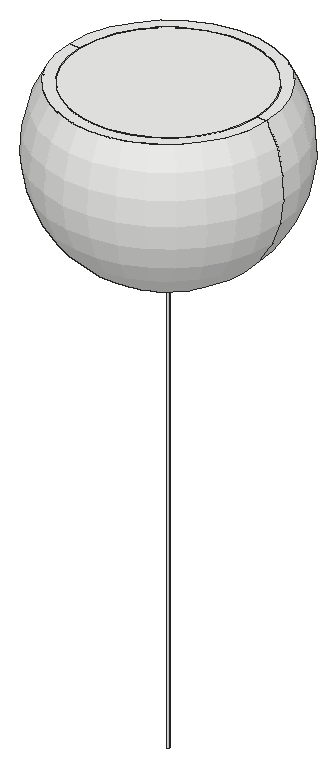
Revit family "Electronics_Commercial-Loudspeakers_Biamp_Sphere-Loudspeaker_EN-SPH5T16-W", category Communication Devices, host Face, Revit 2020
Family settings
  Host = Face
  Maintain Annotation Orientation = No
  Round Connector Dimension = Use Diameter
  Part Type = Normal
  OmniClass Number = 23.85.10.11.14.14.14
  OmniClass Title = Loudspeakers
  Cut with Voids When Loaded = No
  Shared = No
  Room Calculation Point = No
Parameters (values of type "EN-SPH5T16-W")
  Vertical dispersion angle 1000 Hz = "180°"  # constant formula
  Pendant Length [instance] = 15.75"
  Operating temperatures = "-20°C to +80°C"  # constant formula
  Nom Pendant Length [instance] = if(or(Pendant Length < 1", Pendant Length = 1"), 1", if(and(Pendant Length > 1", Pendant Length < 196"), Pendant Length, if(or(Pendant Length > 196", Pendant Length = 196"), 196", 0")))  # 15.75"
  Min Pendant Length [instance] = 1"  # constant formula
  Max SPL 1m in dB = "98.5"  # constant formula
  Woofer size in inch = "5.25"  # constant formula
  Mounting system = "2 screws"  # constant formula
  Max Pendant Length [instance] = 196"  # constant formula
  Main construction material = "ABS plastic"  # constant formula
  Low impedance dynamic power in watts = "16"  # constant formula
  Diameter = 7.28346"  # constant formula
  Connector Description = "Conductor; 16-8-4 W 100V"  # constant formula
  Closest RAL colour (subject to deviations) = "RAL9010"  # constant formula
  Certificate ref = "1438/CPR/0353"  # constant formula
  Woofer cone material = "Paper"  # constant formula
  SPL 1W/1m in dB = "86.5"  # constant formula
  Loudspeaker system = "Full range"  # constant formula
  Weight = 1.60 kgf  # constant formula
  Version = 1
  URL = "https://www.biamp.com/"
  Product data url = "https://bimobject.com/biamp/product/en-sph5t16-w_commercial-loudspeakers-en54-24"
  Product Page URL = "https://www.biamp.com/products/product-families/commercial-loudspeakers/en54-24#en-sph5t16-w"
  Product Documentation Link = "https://downloads.biamp.com/assets/docs/default-source/discontinued/biamp_data_sheet_en-sph5t16-w_aug20.pdf"
  Model = "EN-SPH5T16-W"  # constant formula
  Manufacturer = "Biamp"  # constant formula
  IP rating = "35"  # constant formula
  Housing Material = Biamp - Plastic - White
  Grill Material = Biamp - Plastic - White(Grid)
  Frequency response in Hz = "90 - 17 k"  # constant formula
  Description = "EN-SPH5T16-W EN54-24 Certified 5 Sphere Loudspeaker"  # constant formula
  Depth = 6.1811"  # constant formula
  Default Elevation = 48"
  Date Updated = ""
  Date Created = "2023/08/21"
  Colour = "White"  # constant formula
  100V transformer power taps in watts = "16 - 8 - 4"  # constant formula
Reference planes (in)
  plane 1 "Center (Front/Back)": y = 0
  plane 2: z = 0
  plane 3 "Center (Left/Right)": x = 0
Forms (in)
  Revolve 1, solid, material "Biamp - Plastic - White" <- "Housing Material", detail levels coarse
    sketch origin (-26.94745, 0, 15.75) x (1, 0, 0) y (0, 0, 1)
      loop
        line (26.94745, 0) -> (26.94745, 6.1811) -> (23.30572, 6.1811)
        arc (23.30572, 6.1811) -> (23.11942, 2.18766) -> (26.46553, 0) r 4.0286
        line (26.46553, 0) -> (26.94745, 0)
      axis (26.94745, 0) -> (26.94745, 6.1811)
    angle from 0 to 360
  Extrusion 2, solid, material "Biamp - Metal - White"
    sketch origin (0, 0, 0) x (1, 0, 0) y (0, 1, 0)
      loop
        circle (0, 0) r 0.03763
    from 0 to 15.75
  Revolve 3, solid, material "Biamp - Plastic - White" <- "Housing Material", detail levels medium+fine
    sketch origin (-26.94745, 0, 15.75) x (1, 0, 0) y (0, 0, 1)
      loop
        line (26.94745, 0) -> (26.94745, 6.1811) -> (23.30572, 6.1811)
        arc (23.30572, 6.1811) -> (23.11942, 2.18766) -> (26.46553, 0) r 4.0286
        line (26.46553, 0) -> (26.94745, 0)
      axis (26.94745, 0) -> (26.94745, 6.1811)
    angle from 0 to 360
  Extrusion 4, void
    sketch origin (0, 0, 21.9311) x (0, 1, 0) y (-1, 0, 0)
      loop
        circle (0, 0) r 3.24803
    from -0.30231 to 0
  Extrusion 5, solid, material "Biamp - Plastic - White(Grid)" <- "Grill Material", detail levels medium+fine
    sketch origin (0, 0, 21.6288) x (0, 1, 0) y (-1, 0, 0)
      loop
        circle (0, 0) r 3.24803
    from 0 to 0.30231
Cuts and joins
  Extrusion 4 cuts Revolve 3
Lines and regions (in)
  Masking region 1
    outline origin (0, 0, 0) x (1, 0, 0) y (0, 1, 0)
      loop
        circle (0, 0) r 4.29308
      loop
        circle (0, 0) r 3.64173
  Masking region 2
    outline origin (0, 0, 0) x (1, 0, 0) y (0, 1, 0)
      loop
        circle (0, 0) r 3.64173
      loop
        circle (0, 0) r 3.24803
  Masking region 3
    outline origin (0, 0, 0) x (1, 0, 0) y (0, 1, 0)
      loop
        circle (0, 0) r 3.24803
  Masking region 4
    outline origin (-26.94745, 0, 15.75) x (1, 0, 0) y (0, 0, 1)
      loop
        line (26.98508, -15.75) -> (26.98508, 0) -> (26.90982, 0) -> (26.90982, -15.75) -> (26.98508, -15.75)
  Masking region 5
    outline origin (-26.94745, 0, 15.75) x (1, 0, 0) y (0, 0, 1)
      loop
        arc (23.30572, 6.1811) -> (23.26316, 1.99268) -> (26.94745, 0) r 4.05604
        arc (26.94745, 0) -> (30.63173, 1.99268) -> (30.58918, 6.1811) r 4.05604
        line (30.58918, 6.1811) -> (23.30572, 6.1811)
  reference lines
    curve 1: line (-26.94745, 0, 15.75) -> (24.23366, 0, 15.75)
Dimensions and locks (in)
  "Nom Pendant Length": curve 1 to plane 2
  aligned and locked: plane 2 to host face
  aligned and locked: level to host face
  aligned and locked: Extrusion 2 to curve 1
  aligned and locked: Extrusion 2 to level
  aligned and locked: curve 1 to Masking region 4 sketch curve
  aligned and locked: plane 2 to Masking region 4 sketch curve
Automatic sketch dimensions
  host sketch curve to host sketch curve = 96"  (x2)
  plane 1 "Center (Front/Back)" to Extrusion 2 sketch curve = 0"
  Extrusion 2 sketch curve to plane 3 "Center (Left/Right)" = 0"
  Masking region 1 sketch curve to Masking region 1 sketch curve = 0"  (x2)
  plane 1 "Center (Front/Back)" to Masking region 1 sketch curve = 0"
  Masking region 1 sketch curve to plane 3 "Center (Left/Right)" = 0"
  Masking region 2 sketch curve to Masking region 2 sketch curve = 0"  (x2)
  plane 1 "Center (Front/Back)" to Masking region 2 sketch curve = 0"
  Masking region 2 sketch curve to plane 3 "Center (Left/Right)" = 0"
  plane 1 "Center (Front/Back)" to Masking region 3 sketch curve = 0"
  Masking region 3 sketch curve to plane 3 "Center (Left/Right)" = 0"
  Masking region 4 sketch curve to curve 1 = 24.27129"
  Masking region 4 sketch curve to Masking region 4 sketch curve = 0.07526"
  Masking region 5 sketch curve to curve 1 = 0"
  Masking region 5 sketch curve to curve 1 = 6.1811"
  curve 1 to Masking region 5 sketch curve = 23.30572"
  Masking region 5 sketch curve to Masking region 5 sketch curve = 3.45206"  (x2)
  Masking region 5 sketch curve to Masking region 5 sketch curve = 0.37934"
  Masking region 5 sketch curve to curve 1 = 4.0516"
  Revolve 3 sketch curve to curve 1 = 0"
  Revolve 3 sketch curve to curve 1 = 6.1811"
  curve 1 to Revolve 3 sketch curve = 23.30572"
  Revolve 3 sketch curve to Revolve 3 sketch curve = 3.40077"
  Revolve 3 sketch curve to Revolve 3 sketch curve = 0.24096"
  Revolve 3 sketch curve to Revolve 3 sketch curve = 2.15972"
  Revolve 3 sketch curve to Revolve 3 sketch curve = 0"
  Revolve 3 sketch curve to Revolve 3 sketch curve = 3.14961"
  Revolve 3 sketch curve to Revolve 3 sketch curve = 0.11811"
  Revolve 1 sketch curve to curve 1 = 0"
  Revolve 1 sketch curve to curve 1 = 6.1811"
  curve 1 to Revolve 1 sketch curve = 23.30572"
  Revolve 1 sketch curve to Revolve 1 sketch curve = 3.40077"
  Revolve 1 sketch curve to Revolve 1 sketch curve = 0.24096"
  Revolve 1 sketch curve to Revolve 1 sketch curve = 2.15972"
  Revolve 1 sketch curve to Revolve 1 sketch curve = 0"
  Revolve 1 sketch curve to Revolve 1 sketch curve = 3.14961"
  Revolve 1 sketch curve to Revolve 1 sketch curve = 0.11811"
  curve 1 to plane 3 "Center (Left/Right)" = 26.94745"
  plane 3 "Center (Left/Right)" to curve 1 = 24.23366"
  radius of Extrusion 2 sketch curve = 0.03763"
  radius of Extrusion 4 sketch curve to Revolve 3 = 0.3937"
  radius of Extrusion 5 sketch curve to Extrusion 4 = 0"
  radius of Masking region 1 sketch curve = 4.29308"
  radius of Masking region 1 sketch curve = 3.64173"
  radius of Masking region 2 sketch curve = 3.64173"
  radius of Masking region 2 sketch curve = 3.24803"
  radius of Masking region 3 sketch curve = 3.24803"
Connectors (in)
  electrical at (0, 0, 15.75), driven by "Connector Description"
    settings: on Revolve 1, index 1, voltage 0 V, apparent load 0 VA, apparent load phase1 0 VA, apparent load phase2 0 VA, apparent load phase3 0 VA, power factor 1, load classification "Other", number of poles 1, system type 5, power factor state 1, is connector primary yes, connector utility no, sub classification motor no, connector description "Conductor; 16-8-4 W 100V"
